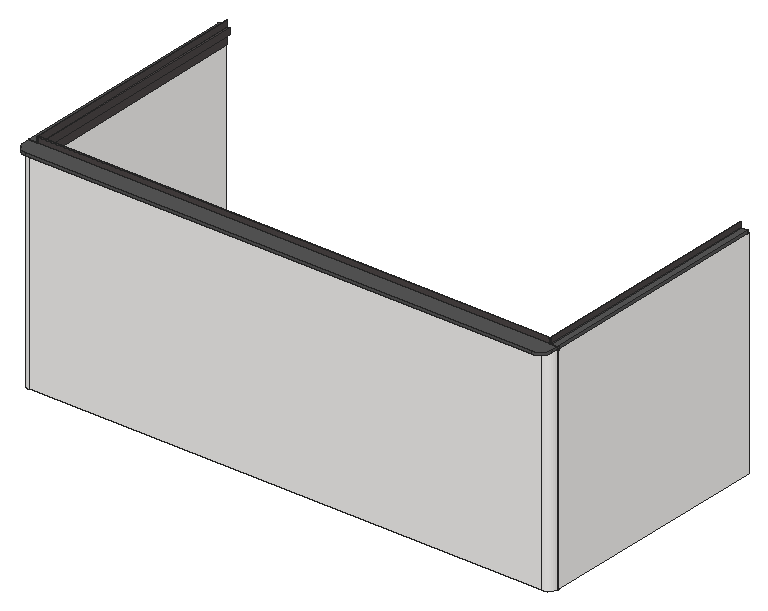
Revit family "vanity unit with 1 drawers for consoles with countertop basin ground", category Furniture, Revit 2019 (continued)
  Vanity unit 1180_550 with 1 drawer for consoles with countertop basin ground-54062700-High Gloss White-MATT_WHITE-400 | "34.3" | no | no | no | no | no | no | no | no | no | no | no | no | no | no | no | no | no | no | no | no | no | no | no | no | no | no | no | no | no | no | no | no | no | no | no | no | no | no | no | no | no | no | no | no | no | no | no | no | no | no | no | no | no | no | no | no | no | no | no | no | no | no | no | no | no | no | yes | no | no | no | no | no | "MATT_WHITE" | "" | "Worldwide" | "https://pro.hansgrohe.com/articledetail--54062000" | "54062XXX" | "High Gloss White" | "Vanity unit 1180/550 with 1 drawer for consoles with countertop basin ground-54062700-High Gloss White-MATT_WHITE-400" | "Xelu Q Vanity unit High Gloss White 1180/550 with 1 drawer for consoles with countertop basin ground" | "Vanity unit 1180/550 with 1 drawer for consoles with countertop basin ground-54062700-High Gloss White-MATT_WHITE-400" | "{$CADENAS_DATA/23d-libs/hansgrohe/xelu_furniture/vanity_unit_with_1_drawer_for_consoles_countertop/vanityunit_1_drawers_for_consoles_countertop.prj},445 {VTYP=3D},{NB=Vanity unit 1180/550 with 1 drawer for consoles with countertop basin ground-54062700-High Gloss White-MATT_WHITE-400},{LINA=Vanity unit 1180/550 with 1 drawer for consoles with countertop basin ground-54062700-High Gloss White-MATT_WHITE-400},{NN=Vanity Unit with 1 Drawers for consoles with countertop basin ground},{DATE=13.03.2023 03:04:52},{GEOMDATE=08.03.2023 14:00:04},{VERSION=},{LINEID=270},{WBVAR=LODLEVEL},{WBNUMERIC=}  {NB=Vanity unit 1180/550 with 1 drawer for consoles with countertop basin ground-54062700-High Gloss White-MATT_WHITE-400},{LINA=Vanity unit 1180/550 with 1 drawer for consoles with countertop basin ground-54062700-High Gloss White-MATT_WHITE-400},{KT=DUMMY},{IDNR=27},{ARTNR=54062700},{BASENUMBER=Vanity unit 1180/550 with 1 drawer for consoles with countertop basin ground},{MODEL=54062XXX},{OBERFLAECHE=High Gloss White},{SURFACE=MATT_WHITE},{L=1180},{LODLEVEL=400},{LODLEVELX='400','400','200','200'},{NAME=Xelu Q Vanity unit High Gloss White 1180/550 with 1 drawer for consoles with countertop basin ground},{PERMALINK=54062XXX},{OBJECTTYPE=Object (single object)},{BIMOBJECT=Sanitary: Compound units},{PRODUCTFAMILY=Xelu Q},{PRODUCTGROUP=vanity unit},{WEIGHT=34.3},{DESCRIPTION=Xelu Q Vanity unit High Gloss White 1180/550 with 1 drawer for consoles with countertop basin ground},{SPECIFICATION=},{PRODUCTURL=https://pro.hansgrohe.com/articledetail--54062000},{GTINCODE=4059625456095},{TENDERURL=},{IFC=Furnishing element},{ETIM=EC011381 | Bathroom furniture set},{UNICLASS2015=Pr_40_30_78_05 | Bathroom furniture},{OMNICLASS=23-21 19 15 33 13 | Residential Bathroom Specialty Casework},{MASTERFORMAT=12 35 30.23 | Bathroom Casework},{UNSPSC=56 | Furniture and Furnishings},{UNIFORMATII=E2010 | Fixed Furnishings},{REGIONSET=Worldwide},{DESIGN=Germany},{MANUFACTURER=Germany}" | "400" | "Vanity unit 1180/550 with 1 drawer for consoles with countertop basin ground-54062700-High Gloss White-MATT_WHITE-400" | 1180 | "4059625456095" | "Vanity unit 1180/550 with 1 drawer for consoles with countertop basin ground" | "54062700"
  Vanity unit 1180_550 with 1 drawer for consoles with countertop basin ground-54063000-Diamond Matt Grey-CHROME-200 | "34.3" | no | no | no | no | no | no | no | no | no | no | no | no | no | no | no | no | no | no | no | no | no | no | no | no | no | no | no | no | no | no | no | no | no | no | no | no | no | no | no | no | no | no | no | no | no | no | no | no | no | no | no | no | no | no | no | no | no | no | no | no | no | no | no | no | no | yes | no | no | no | no | no | no | "CHROME" | "" | "Worldwide" | "https://pro.hansgrohe.com/articledetail--54063000" | "54063XXX" | "Diamond Matt Grey" | "Vanity unit 1180/550 with 1 drawer for consoles with countertop basin ground-54063000-Diamond Matt Grey-CHROME-200" | "Xelu Q Vanity unit Diamond Matt Grey 1180/550 with 1 drawer for consoles with countertop basin ground" | "Vanity unit 1180/550 with 1 drawer for consoles with countertop basin ground-54063000-Diamond Matt Grey-CHROME-200" | "{$CADENAS_DATA/23d-libs/hansgrohe/xelu_furniture/vanity_unit_with_1_drawer_for_consoles_countertop/vanityunit_1_drawers_for_consoles_countertop.prj},439 {VTYP=3D},{NB=Vanity unit 1180/550 with 1 drawer for consoles with countertop basin ground-54063000-Diamond Matt Grey-CHROME-200},{LINA=Vanity unit 1180/550 with 1 drawer for consoles with countertop basin ground-54063000-Diamond Matt Grey-CHROME-200},{NN=Vanity Unit with 1 Drawers for consoles with countertop basin ground},{DATE=13.03.2023 03:04:52},{GEOMDATE=08.03.2023 14:00:04},{VERSION=},{LINEID=300},{WBVAR=LODLEVEL},{WBNUMERIC=}  {NB=Vanity unit 1180/550 with 1 drawer for consoles with countertop basin ground-54063000-Diamond Matt Grey-CHROME-200},{LINA=Vanity unit 1180/550 with 1 drawer for consoles with countertop basin ground-54063000-Diamond Matt Grey-CHROME-200},{KT=DUMMY},{IDNR=30},{ARTNR=54063000},{BASENUMBER=Vanity unit 1180/550 with 1 drawer for consoles with countertop basin ground},{MODEL=54063XXX},{OBERFLAECHE=Diamond Matt Grey},{SURFACE=CHROME},{L=1180},{LODLEVEL=200},{LODLEVELX='400','400','200','200'},{NAME=Xelu Q Vanity unit Diamond Matt Grey 1180/550 with 1 drawer for consoles with countertop basin ground},{PERMALINK=54063XXX},{OBJECTTYPE=Object (single object)},{BIMOBJECT=Sanitary: Compound units},{PRODUCTFAMILY=Xelu Q},{PRODUCTGROUP=vanity unit},{WEIGHT=34.3},{DESCRIPTION=Xelu Q Vanity unit Diamond Matt Grey 1180/550 with 1 drawer for consoles with countertop basin ground},{SPECIFICATION=},{PRODUCTURL=https://pro.hansgrohe.com/articledetail--54063000},{GTINCODE=4059625456064},{TENDERURL=},{IFC=Furnishing element},{ETIM=EC011381 | Bathroom furniture set},{UNICLASS2015=Pr_40_30_78_05 | Bathroom furniture},{OMNICLASS=23-21 19 15 33 13 | Residential Bathroom Specialty Casework},{MASTERFORMAT=12 35 30.23 | Bathroom Casework},{UNSPSC=56 | Furniture and Furnishings},{UNIFORMATII=E2010 | Fixed Furnishings},{REGIONSET=Worldwide},{DESIGN=Germany},{MANUFACTURER=Germany}" | "200" | "Vanity unit 1180/550 with 1 drawer for consoles with countertop basin ground-54063000-Diamond Matt Grey-CHROME-200" | 1180 | "4059625456064" | "Vanity unit 1180/550 with 1 drawer for consoles with countertop basin ground" | "54063000"
  Vanity unit 1180_550 with 1 drawer for consoles with countertop basin ground-54063000-Diamond Matt Grey-CHROME-400 | "34.3" | no | no | no | no | no | no | no | no | no | no | no | no | no | no | no | no | no | no | no | no | no | no | no | no | no | no | no | no | no | no | no | no | no | no | no | no | no | no | no | no | no | no | no | no | no | no | no | no | no | no | no | no | no | no | no | no | no | no | no | no | no | no | no | no | yes | no | no | no | no | no | no | no | "CHROME" | "" | "Worldwide" | "https://pro.hansgrohe.com/articledetail--54063000" | "54063XXX" | "Diamond Matt Grey" | "Vanity unit 1180/550 with 1 drawer for consoles with countertop basin ground-54063000-Diamond Matt Grey-CHROME-400" | "Xelu Q Vanity unit Diamond Matt Grey 1180/550 with 1 drawer for consoles with countertop basin ground" | "Vanity unit 1180/550 with 1 drawer for consoles with countertop basin ground-54063000-Diamond Matt Grey-CHROME-400" | "{$CADENAS_DATA/23d-libs/hansgrohe/xelu_furniture/vanity_unit_with_1_drawer_for_consoles_countertop/vanityunit_1_drawers_for_consoles_countertop.prj},439 {VTYP=3D},{NB=Vanity unit 1180/550 with 1 drawer for consoles with countertop basin ground-54063000-Diamond Matt Grey-CHROME-400},{LINA=Vanity unit 1180/550 with 1 drawer for consoles with countertop basin ground-54063000-Diamond Matt Grey-CHROME-400},{NN=Vanity Unit with 1 Drawers for consoles with countertop basin ground},{DATE=13.03.2023 03:04:52},{GEOMDATE=08.03.2023 14:00:04},{VERSION=},{LINEID=300},{WBVAR=LODLEVEL},{WBNUMERIC=}  {NB=Vanity unit 1180/550 with 1 drawer for consoles with countertop basin ground-54063000-Diamond Matt Grey-CHROME-400},{LINA=Vanity unit 1180/550 with 1 drawer for consoles with countertop basin ground-54063000-Diamond Matt Grey-CHROME-400},{KT=DUMMY},{IDNR=30},{ARTNR=54063000},{BASENUMBER=Vanity unit 1180/550 with 1 drawer for consoles with countertop basin ground},{MODEL=54063XXX},{OBERFLAECHE=Diamond Matt Grey},{SURFACE=CHROME},{L=1180},{LODLEVEL=400},{LODLEVELX='400','400','200','200'},{NAME=Xelu Q Vanity unit Diamond Matt Grey 1180/550 with 1 drawer for consoles with countertop basin ground},{PERMALINK=54063XXX},{OBJECTTYPE=Object (single object)},{BIMOBJECT=Sanitary: Compound units},{PRODUCTFAMILY=Xelu Q},{PRODUCTGROUP=vanity unit},{WEIGHT=34.3},{DESCRIPTION=Xelu Q Vanity unit Diamond Matt Grey 1180/550 with 1 drawer for consoles with countertop basin ground},{SPECIFICATION=},{PRODUCTURL=https://pro.hansgrohe.com/articledetail--54063000},{GTINCODE=4059625456064},{TENDERURL=},{IFC=Furnishing element},{ETIM=EC011381 | Bathroom furniture set},{UNICLASS2015=Pr_40_30_78_05 | Bathroom furniture},{OMNICLASS=23-21 19 15 33 13 | Residential Bathroom Specialty Casework},{MASTERFORMAT=12 35 30.23 | Bathroom Casework},{UNSPSC=56 | Furniture and Furnishings},{UNIFORMATII=E2010 | Fixed Furnishings},{REGIONSET=Worldwide},{DESIGN=Germany},{MANUFACTURER=Germany}" | "400" | "Vanity unit 1180/550 with 1 drawer for consoles with countertop basin ground-54063000-Diamond Matt Grey-CHROME-400" | 1180 | "4059625456064" | "Vanity unit 1180/550 with 1 drawer for consoles with countertop basin ground" | "54063000"
  Vanity unit 1180_550 with 1 drawer for consoles with countertop basin ground-54063670-Diamond Matt Grey-MATT_BLACK-200 | "34.3" | no | no | no | no | no | no | no | no | no | no | no | no | no | no | no | no | no | no | no | no | no | no | no | no | no | no | no | no | no | no | no | no | no | no | no | no | no | no | no | no | no | no | no | no | no | no | no | no | no | no | no | no | no | no | no | no | no | no | no | no | no | no | no | yes | no | no | no | no | no | no | no | no | "MATT_BLACK" | "" | "Worldwide" | "https://pro.hansgrohe.com/articledetail--54063000" | "54063XXX" | "Diamond Matt Grey" | "Vanity unit 1180/550 with 1 drawer for consoles with countertop basin ground-54063670-Diamond Matt Grey-MATT_BLACK-200" | "Xelu Q Vanity unit Diamond Matt Grey 1180/550 with 1 drawer for consoles with countertop basin ground" | "Vanity unit 1180/550 with 1 drawer for consoles with countertop basin ground-54063670-Diamond Matt Grey-MATT_BLACK-200" | "{$CADENAS_DATA/23d-libs/hansgrohe/xelu_furniture/vanity_unit_with_1_drawer_for_consoles_countertop/vanityunit_1_drawers_for_consoles_countertop.prj},447 {VTYP=3D},{NB=Vanity unit 1180/550 with 1 drawer for consoles with countertop basin ground-54063670-Diamond Matt Grey-MATT_BLACK-200},{LINA=Vanity unit 1180/550 with 1 drawer for consoles with countertop basin ground-54063670-Diamond Matt Grey-MATT_BLACK-200},{NN=Vanity Unit with 1 Drawers for consoles with countertop basin ground},{DATE=13.03.2023 03:04:52},{GEOMDATE=08.03.2023 14:00:04},{VERSION=},{LINEID=290},{WBVAR=LODLEVEL},{WBNUMERIC=}  {NB=Vanity unit 1180/550 with 1 drawer for consoles with countertop basin ground-54063670-Diamond Matt Grey-MATT_BLACK-200},{LINA=Vanity unit 1180/550 with 1 drawer for consoles with countertop basin ground-54063670-Diamond Matt Grey-MATT_BLACK-200},{KT=DUMMY},{IDNR=29},{ARTNR=54063670},{BASENUMBER=Vanity unit 1180/550 with 1 drawer for consoles with countertop basin ground},{MODEL=54063XXX},{OBERFLAECHE=Diamond Matt Grey},{SURFACE=MATT_BLACK},{L=1180},{LODLEVEL=200},{LODLEVELX='400','400','200','200'},{NAME=Xelu Q Vanity unit Diamond Matt Grey 1180/550 with 1 drawer for consoles with countertop basin ground},{PERMALINK=54063XXX},{OBJECTTYPE=Object (single object)},{BIMOBJECT=Sanitary: Compound units},{PRODUCTFAMILY=Xelu Q},{PRODUCTGROUP=vanity unit},{WEIGHT=34.3},{DESCRIPTION=Xelu Q Vanity unit Diamond Matt Grey 1180/550 with 1 drawer for consoles with countertop basin ground},{SPECIFICATION=},{PRODUCTURL=https://pro.hansgrohe.com/articledetail--54063000},{GTINCODE=4059625456064},{TENDERURL=},{IFC=Furnishing element},{ETIM=EC011381 | Bathroom furniture set},{UNICLASS2015=Pr_40_30_78_05 | Bathroom furniture},{OMNICLASS=23-21 19 15 33 13 | Residential Bathroom Specialty Casework},{MASTERFORMAT=12 35 30.23 | Bathroom Casework},{UNSPSC=56 | Furniture and Furnishings},{UNIFORMATII=E2010 | Fixed Furnishings},{REGIONSET=Worldwide},{DESIGN=Germany},{MANUFACTURER=Germany}" | "200" | "Vanity unit 1180/550 with 1 drawer for consoles with countertop basin ground-54063670-Diamond Matt Grey-MATT_BLACK-200" | 1180 | "4059625456064" | "Vanity unit 1180/550 with 1 drawer for consoles with countertop basin ground" | "54063670"
  Vanity unit 1180_550 with 1 drawer for consoles with countertop basin ground-54063670-Diamond Matt Grey-MATT_BLACK-400 | "34.3" | no | no | no | no | no | no | no | no | no | no | no | no | no | no | no | no | no | no | no | no | no | no | no | no | no | no | no | no | no | no | no | no | no | no | no | no | no | no | no | no | no | no | no | no | no | no | no | no | no | no | no | no | no | no | no | no | no | no | no | no | no | no | yes | no | no | no | no | no | no | no | no | no | "MATT_BLACK" | "" | "Worldwide" | "https://pro.hansgrohe.com/articledetail--54063000" | "54063XXX" | "Diamond Matt Grey" | "Vanity unit 1180/550 with 1 drawer for consoles with countertop basin ground-54063670-Diamond Matt Grey-MATT_BLACK-400" | "Xelu Q Vanity unit Diamond Matt Grey 1180/550 with 1 drawer for consoles with countertop basin ground" | "Vanity unit 1180/550 with 1 drawer for consoles with countertop basin ground-54063670-Diamond Matt Grey-MATT_BLACK-400" | "{$CADENAS_DATA/23d-libs/hansgrohe/xelu_furniture/vanity_unit_with_1_drawer_for_consoles_countertop/vanityunit_1_drawers_for_consoles_countertop.prj},447 {VTYP=3D},{NB=Vanity unit 1180/550 with 1 drawer for consoles with countertop basin ground-54063670-Diamond Matt Grey-MATT_BLACK-400},{LINA=Vanity unit 1180/550 with 1 drawer for consoles with countertop basin ground-54063670-Diamond Matt Grey-MATT_BLACK-400},{NN=Vanity Unit with 1 Drawers for consoles with countertop basin ground},{DATE=13.03.2023 03:04:52},{GEOMDATE=08.03.2023 14:00:04},{VERSION=},{LINEID=290},{WBVAR=LODLEVEL},{WBNUMERIC=}  {NB=Vanity unit 1180/550 with 1 drawer for consoles with countertop basin ground-54063670-Diamond Matt Grey-MATT_BLACK-400},{LINA=Vanity unit 1180/550 with 1 drawer for consoles with countertop basin ground-54063670-Diamond Matt Grey-MATT_BLACK-400},{KT=DUMMY},{IDNR=29},{ARTNR=54063670},{BASENUMBER=Vanity unit 1180/550 with 1 drawer for consoles with countertop basin ground},{MODEL=54063XXX},{OBERFLAECHE=Diamond Matt Grey},{SURFACE=MATT_BLACK},{L=1180},{LODLEVEL=400},{LODLEVELX='400','400','200','200'},{NAME=Xelu Q Vanity unit Diamond Matt Grey 1180/550 with 1 drawer for consoles with countertop basin ground},{PERMALINK=54063XXX},{OBJECTTYPE=Object (single object)},{BIMOBJECT=Sanitary: Compound units},{PRODUCTFAMILY=Xelu Q},{PRODUCTGROUP=vanity unit},{WEIGHT=34.3},{DESCRIPTION=Xelu Q Vanity unit Diamond Matt Grey 1180/550 with 1 drawer for consoles with countertop basin ground},{SPECIFICATION=},{PRODUCTURL=https://pro.hansgrohe.com/articledetail--54063000},{GTINCODE=4059625456064},{TENDERURL=},{IFC=Furnishing element},{ETIM=EC011381 | Bathroom furniture set},{UNICLASS2015=Pr_40_30_78_05 | Bathroom furniture},{OMNICLASS=23-21 19 15 33 13 | Residential Bathroom Specialty Casework},{MASTERFORMAT=12 35 30.23 | Bathroom Casework},{UNSPSC=56 | Furniture and Furnishings},{UNIFORMATII=E2010 | Fixed Furnishings},{REGIONSET=Worldwide},{DESIGN=Germany},{MANUFACTURER=Germany}" | "400" | "Vanity unit 1180/550 with 1 drawer for consoles with countertop basin ground-54063670-Diamond Matt Grey-MATT_BLACK-400" | 1180 | "4059625456064" | "Vanity unit 1180/550 with 1 drawer for consoles with countertop basin ground" | "54063670"
  Vanity unit 1180_550 with 1 drawer for consoles with countertop basin ground-54063700-Diamond Matt Grey-MATT_WHITE-200 | "34.3" | no | no | no | no | no | no | no | no | no | no | no | no | no | no | no | no | no | no | no | no | no | no | no | no | no | no | no | no | no | no | no | no | no | no | no | no | no | no | no | no | no | no | no | no | no | no | no | no | no | no | no | no | no | no | no | no | no | no | no | no | no | yes | no | no | no | no | no | no | no | no | no | no | "MATT_WHITE" | "" | "Worldwide" | "https://pro.hansgrohe.com/articledetail--54063000" | "54063XXX" | "Diamond Matt Grey" | "Vanity unit 1180/550 with 1 drawer for consoles with countertop basin ground-54063700-Diamond Matt Grey-MATT_WHITE-200" | "Xelu Q Vanity unit Diamond Matt Grey 1180/550 with 1 drawer for consoles with countertop basin ground" | "Vanity unit 1180/550 with 1 drawer for consoles with countertop basin ground-54063700-Diamond Matt Grey-MATT_WHITE-200" | "{$CADENAS_DATA/23d-libs/hansgrohe/xelu_furniture/vanity_unit_with_1_drawer_for_consoles_countertop/vanityunit_1_drawers_for_consoles_countertop.prj},447 {VTYP=3D},{NB=Vanity unit 1180/550 with 1 drawer for consoles with countertop basin ground-54063700-Diamond Matt Grey-MATT_WHITE-200},{LINA=Vanity unit 1180/550 with 1 drawer for consoles with countertop basin ground-54063700-Diamond Matt Grey-MATT_WHITE-200},{NN=Vanity Unit with 1 Drawers for consoles with countertop basin ground},{DATE=13.03.2023 03:04:52},{GEOMDATE=08.03.2023 14:00:04},{VERSION=},{LINEID=280},{WBVAR=LODLEVEL},{WBNUMERIC=}  {NB=Vanity unit 1180/550 with 1 drawer for consoles with countertop basin ground-54063700-Diamond Matt Grey-MATT_WHITE-200},{LINA=Vanity unit 1180/550 with 1 drawer for consoles with countertop basin ground-54063700-Diamond Matt Grey-MATT_WHITE-200},{KT=DUMMY},{IDNR=28},{ARTNR=54063700},{BASENUMBER=Vanity unit 1180/550 with 1 drawer for consoles with countertop basin ground},{MODEL=54063XXX},{OBERFLAECHE=Diamond Matt Grey},{SURFACE=MATT_WHITE},{L=1180},{LODLEVEL=200},{LODLEVELX='400','400','200','200'},{NAME=Xelu Q Vanity unit Diamond Matt Grey 1180/550 with 1 drawer for consoles with countertop basin ground},{PERMALINK=54063XXX},{OBJECTTYPE=Object (single object)},{BIMOBJECT=Sanitary: Compound units},{PRODUCTFAMILY=Xelu Q},{PRODUCTGROUP=vanity unit},{WEIGHT=34.3},{DESCRIPTION=Xelu Q Vanity unit Diamond Matt Grey 1180/550 with 1 drawer for consoles with countertop basin ground},{SPECIFICATION=},{PRODUCTURL=https://pro.hansgrohe.com/articledetail--54063000},{GTINCODE=4059625456064},{TENDERURL=},{IFC=Furnishing element},{ETIM=EC011381 | Bathroom furniture set},{UNICLASS2015=Pr_40_30_78_05 | Bathroom furniture},{OMNICLASS=23-21 19 15 33 13 | Residential Bathroom Specialty Casework},{MASTERFORMAT=12 35 30.23 | Bathroom Casework},{UNSPSC=56 | Furniture and Furnishings},{UNIFORMATII=E2010 | Fixed Furnishings},{REGIONSET=Worldwide},{DESIGN=Germany},{MANUFACTURER=Germany}" | "200" | "Vanity unit 1180/550 with 1 drawer for consoles with countertop basin ground-54063700-Diamond Matt Grey-MATT_WHITE-200" | 1180 | "4059625456064" | "Vanity unit 1180/550 with 1 drawer for consoles with countertop basin ground" | "54063700"
  Vanity unit 1180_550 with 1 drawer for consoles with countertop basin ground-54063700-Diamond Matt Grey-MATT_WHITE-400 | "34.3" | no | no | no | no | no | no | no | no | no | no | no | no | no | no | no | no | no | no | no | no | no | no | no | no | no | no | no | no | no | no | no | no | no | no | no | no | no | no | no | no | no | no | no | no | no | no | no | no | no | no | no | no | no | no | no | no | no | no | no | no | yes | no | no | no | no | no | no | no | no | no | no | no | "MATT_WHITE" | "" | "Worldwide" | "https://pro.hansgrohe.com/articledetail--54063000" | "54063XXX" | "Diamond Matt Grey" | "Vanity unit 1180/550 with 1 drawer for consoles with countertop basin ground-54063700-Diamond Matt Grey-MATT_WHITE-400" | "Xelu Q Vanity unit Diamond Matt Grey 1180/550 with 1 drawer for consoles with countertop basin ground" | "Vanity unit 1180/550 with 1 drawer for consoles with countertop basin ground-54063700-Diamond Matt Grey-MATT_WHITE-400" | "{$CADENAS_DATA/23d-libs/hansgrohe/xelu_furniture/vanity_unit_with_1_drawer_for_consoles_countertop/vanityunit_1_drawers_for_consoles_countertop.prj},447 {VTYP=3D},{NB=Vanity unit 1180/550 with 1 drawer for consoles with countertop basin ground-54063700-Diamond Matt Grey-MATT_WHITE-400},{LINA=Vanity unit 1180/550 with 1 drawer for consoles with countertop basin ground-54063700-Diamond Matt Grey-MATT_WHITE-400},{NN=Vanity Unit with 1 Drawers for consoles with countertop basin ground},{DATE=13.03.2023 03:04:52},{GEOMDATE=08.03.2023 14:00:04},{VERSION=},{LINEID=280},{WBVAR=LODLEVEL},{WBNUMERIC=}  {NB=Vanity unit 1180/550 with 1 drawer for consoles with countertop basin ground-54063700-Diamond Matt Grey-MATT_WHITE-400},{LINA=Vanity unit 1180/550 with 1 drawer for consoles with countertop basin ground-54063700-Diamond Matt Grey-MATT_WHITE-400},{KT=DUMMY},{IDNR=28},{ARTNR=54063700},{BASENUMBER=Vanity unit 1180/550 with 1 drawer for consoles with countertop basin ground},{MODEL=54063XXX},{OBERFLAECHE=Diamond Matt Grey},{SURFACE=MATT_WHITE},{L=1180},{LODLEVEL=400},{LODLEVELX='400','400','200','200'},{NAME=Xelu Q Vanity unit Diamond Matt Grey 1180/550 with 1 drawer for consoles with countertop basin ground},{PERMALINK=54063XXX},{OBJECTTYPE=Object (single object)},{BIMOBJECT=Sanitary: Compound units},{PRODUCTFAMILY=Xelu Q},{PRODUCTGROUP=vanity unit},{WEIGHT=34.3},{DESCRIPTION=Xelu Q Vanity unit Diamond Matt Grey 1180/550 with 1 drawer for consoles with countertop basin ground},{SPECIFICATION=},{PRODUCTURL=https://pro.hansgrohe.com/articledetail--54063000},{GTINCODE=4059625456064},{TENDERURL=},{IFC=Furnishing element},{ETIM=EC011381 | Bathroom furniture set},{UNICLASS2015=Pr_40_30_78_05 | Bathroom furniture},{OMNICLASS=23-21 19 15 33 13 | Residential Bathroom Specialty Casework},{MASTERFORMAT=12 35 30.23 | Bathroom Casework},{UNSPSC=56 | Furniture and Furnishings},{UNIFORMATII=E2010 | Fixed Furnishings},{REGIONSET=Worldwide},{DESIGN=Germany},{MANUFACTURER=Germany}" | "400" | "Vanity unit 1180/550 with 1 drawer for consoles with countertop basin ground-54063700-Diamond Matt Grey-MATT_WHITE-400" | 1180 | "4059625456064" | "Vanity unit 1180/550 with 1 drawer for consoles with countertop basin ground" | "54063700"
  Vanity unit 1180_550 with 1 drawer for consoles with countertop basin ground-54064000-Natural Oak-CHROME-200 | "34.3" | no | no | no | no | no | no | no | no | no | no | no | no | no | no | no | no | no | no | no | no | no | no | no | no | no | no | no | no | no | no | no | no | no | no | no | no | no | no | no | no | no | no | no | no | no | no | no | no | no | no | no | no | no | no | no | no | no | no | no | yes | no | no | no | no | no | no | no | no | no | no | no | no | "CHROME" | "" | "Worldwide" | "https://pro.hansgrohe.com/articledetail--54064000" | "54064XXX" | "Natural Oak" | "Vanity unit 1180/550 with 1 drawer for consoles with countertop basin ground-54064000-Natural Oak-CHROME-200" | "Xelu Q Vanity unit Natural Oak 1180/550 with 1 drawer for consoles with countertop basin ground" | "Vanity unit 1180/550 with 1 drawer for consoles with countertop basin ground-54064000-Natural Oak-CHROME-200" | "{$CADENAS_DATA/23d-libs/hansgrohe/xelu_furniture/vanity_unit_with_1_drawer_for_consoles_countertop/vanityunit_1_drawers_for_consoles_countertop.prj},427 {VTYP=3D},{NB=Vanity unit 1180/550 with 1 drawer for consoles with countertop basin ground-54064000-Natural Oak-CHROME-200},{LINA=Vanity unit 1180/550 with 1 drawer for consoles with countertop basin ground-54064000-Natural Oak-CHROME-200},{NN=Vanity Unit with 1 Drawers for consoles with countertop basin ground},{DATE=13.03.2023 03:04:52},{GEOMDATE=08.03.2023 14:00:04},{VERSION=},{LINEID=320},{WBVAR=LODLEVEL},{WBNUMERIC=}  {NB=Vanity unit 1180/550 with 1 drawer for consoles with countertop basin ground-54064000-Natural Oak-CHROME-200},{LINA=Vanity unit 1180/550 with 1 drawer for consoles with countertop basin ground-54064000-Natural Oak-CHROME-200},{KT=DUMMY},{IDNR=32},{ARTNR=54064000},{BASENUMBER=Vanity unit 1180/550 with 1 drawer for consoles with countertop basin ground},{MODEL=54064XXX},{OBERFLAECHE=Natural Oak},{SURFACE=CHROME},{L=1180},{LODLEVEL=200},{LODLEVELX='400','400','200','200'},{NAME=Xelu Q Vanity unit Natural Oak 1180/550 with 1 drawer for consoles with countertop basin ground},{PERMALINK=54064XXX},{OBJECTTYPE=Object (single object)},{BIMOBJECT=Sanitary: Compound units},{PRODUCTFAMILY=Xelu Q},{PRODUCTGROUP=vanity unit},{WEIGHT=34.3},{DESCRIPTION=Xelu Q Vanity unit Natural Oak 1180/550 with 1 drawer for consoles with countertop basin ground},{SPECIFICATION=},{PRODUCTURL=https://pro.hansgrohe.com/articledetail--54064000},{GTINCODE=4059625456439},{TENDERURL=},{IFC=Furnishing element},{ETIM=EC011381 | Bathroom furniture set},{UNICLASS2015=Pr_40_30_78_05 | Bathroom furniture},{OMNICLASS=23-21 19 15 33 13 | Residential Bathroom Specialty Casework},{MASTERFORMAT=12 35 30.23 | Bathroom Casework},{UNSPSC=56 | Furniture and Furnishings},{UNIFORMATII=E2010 | Fixed Furnishings},{REGIONSET=Worldwide},{DESIGN=Germany},{MANUFACTURER=Germany}" | "200" | "Vanity unit 1180/550 with 1 drawer for consoles with countertop basin ground-54064000-Natural Oak-CHROME-200" | 1180 | "4059625456439" | "Vanity unit 1180/550 with 1 drawer for consoles with countertop basin ground" | "54064000"
  Vanity unit 1180_550 with 1 drawer for consoles with countertop basin ground-54064000-Natural Oak-CHROME-400 | "34.3" | no | no | no | no | no | no | no | no | no | no | no | no | no | no | no | no | no | no | no | no | no | no | no | no | no | no | no | no | no | no | no | no | no | no | no | no | no | no | no | no | no | no | no | no | no | no | no | no | no | no | no | no | no | no | no | no | no | no | yes | no | no | no | no | no | no | no | no | no | no | no | no | no | "CHROME" | "" | "Worldwide" | "https://pro.hansgrohe.com/articledetail--54064000" | "54064XXX" | "Natural Oak" | "Vanity unit 1180/550 with 1 drawer for consoles with countertop basin ground-54064000-Natural Oak-CHROME-400" | "Xelu Q Vanity unit Natural Oak 1180/550 with 1 drawer for consoles with countertop basin ground" | "Vanity unit 1180/550 with 1 drawer for consoles with countertop basin ground-54064000-Natural Oak-CHROME-400" | "{$CADENAS_DATA/23d-libs/hansgrohe/xelu_furniture/vanity_unit_with_1_drawer_for_consoles_countertop/vanityunit_1_drawers_for_consoles_countertop.prj},427 {VTYP=3D},{NB=Vanity unit 1180/550 with 1 drawer for consoles with countertop basin ground-54064000-Natural Oak-CHROME-400},{LINA=Vanity unit 1180/550 with 1 drawer for consoles with countertop basin ground-54064000-Natural Oak-CHROME-400},{NN=Vanity Unit with 1 Drawers for consoles with countertop basin ground},{DATE=13.03.2023 03:04:52},{GEOMDATE=08.03.2023 14:00:04},{VERSION=},{LINEID=320},{WBVAR=LODLEVEL},{WBNUMERIC=}  {NB=Vanity unit 1180/550 with 1 drawer for consoles with countertop basin ground-54064000-Natural Oak-CHROME-400},{LINA=Vanity unit 1180/550 with 1 drawer for consoles with countertop basin ground-54064000-Natural Oak-CHROME-400},{KT=DUMMY},{IDNR=32},{ARTNR=54064000},{BASENUMBER=Vanity unit 1180/550 with 1 drawer for consoles with countertop basin ground},{MODEL=54064XXX},{OBERFLAECHE=Natural Oak},{SURFACE=CHROME},{L=1180},{LODLEVEL=400},{LODLEVELX='400','400','200','200'},{NAME=Xelu Q Vanity unit Natural Oak 1180/550 with 1 drawer for consoles with countertop basin ground},{PERMALINK=54064XXX},{OBJECTTYPE=Object (single object)},{BIMOBJECT=Sanitary: Compound units},{PRODUCTFAMILY=Xelu Q},{PRODUCTGROUP=vanity unit},{WEIGHT=34.3},{DESCRIPTION=Xelu Q Vanity unit Natural Oak 1180/550 with 1 drawer for consoles with countertop basin ground},{SPECIFICATION=},{PRODUCTURL=https://pro.hansgrohe.com/articledetail--54064000},{GTINCODE=4059625456439},{TENDERURL=},{IFC=Furnishing element},{ETIM=EC011381 | Bathroom furniture set},{UNICLASS2015=Pr_40_30_78_05 | Bathroom furniture},{OMNICLASS=23-21 19 15 33 13 | Residential Bathroom Specialty Casework},{MASTERFORMAT=12 35 30.23 | Bathroom Casework},{UNSPSC=56 | Furniture and Furnishings},{UNIFORMATII=E2010 | Fixed Furnishings},{REGIONSET=Worldwide},{DESIGN=Germany},{MANUFACTURER=Germany}" | "400" | "Vanity unit 1180/550 with 1 drawer for consoles with countertop basin ground-54064000-Natural Oak-CHROME-400" | 1180 | "4059625456439" | "Vanity unit 1180/550 with 1 drawer for consoles with countertop basin ground" | "54064000"
  Vanity unit 1180_550 with 1 drawer for consoles with countertop basin ground-54064670-Natural Oak-MATT_BLACK-200 | "34.3" | no | no | no | no | no | no | no | no | no | no | no | no | no | no | no | no | no | no | no | no | no | no | no | no | no | no | no | no | no | no | no | no | no | no | no | no | no | no | no | no | no | no | no | no | no | no | no | no | no | no | no | no | no | no | no | no | no | yes | no | no | no | no | no | no | no | no | no | no | no | no | no | no | "MATT_BLACK" | "" | "Worldwide" | "https://pro.hansgrohe.com/articledetail--54064000" | "54064XXX" | "Natural Oak" | "Vanity unit 1180/550 with 1 drawer for consoles with countertop basin ground-54064670-Natural Oak-MATT_BLACK-200" | "Xelu Q Vanity unit Natural Oak 1180/550 with 1 drawer for consoles with countertop basin ground" | "Vanity unit 1180/550 with 1 drawer for consoles with countertop basin ground-54064670-Natural Oak-MATT_BLACK-200" | "{$CADENAS_DATA/23d-libs/hansgrohe/xelu_furniture/vanity_unit_with_1_drawer_for_consoles_countertop/vanityunit_1_drawers_for_consoles_countertop.prj},435 {VTYP=3D},{NB=Vanity unit 1180/550 with 1 drawer for consoles with countertop basin ground-54064670-Natural Oak-MATT_BLACK-200},{LINA=Vanity unit 1180/550 with 1 drawer for consoles with countertop basin ground-54064670-Natural Oak-MATT_BLACK-200},{NN=Vanity Unit with 1 Drawers for consoles with countertop basin ground},{DATE=13.03.2023 03:04:52},{GEOMDATE=08.03.2023 14:00:04},{VERSION=},{LINEID=330},{WBVAR=LODLEVEL},{WBNUMERIC=}  {NB=Vanity unit 1180/550 with 1 drawer for consoles with countertop basin ground-54064670-Natural Oak-MATT_BLACK-200},{LINA=Vanity unit 1180/550 with 1 drawer for consoles with countertop basin ground-54064670-Natural Oak-MATT_BLACK-200},{KT=DUMMY},{IDNR=33},{ARTNR=54064670},{BASENUMBER=Vanity unit 1180/550 with 1 drawer for consoles with countertop basin ground},{MODEL=54064XXX},{OBERFLAECHE=Natural Oak},{SURFACE=MATT_BLACK},{L=1180},{LODLEVEL=200},{LODLEVELX='400','400','200','200'},{NAME=Xelu Q Vanity unit Natural Oak 1180/550 with 1 drawer for consoles with countertop basin ground},{PERMALINK=54064XXX},{OBJECTTYPE=Object (single object)},{BIMOBJECT=Sanitary: Compound units},{PRODUCTFAMILY=Xelu Q},{PRODUCTGROUP=vanity unit},{WEIGHT=34.3},{DESCRIPTION=Xelu Q Vanity unit Natural Oak 1180/550 with 1 drawer for consoles with countertop basin ground},{SPECIFICATION=},{PRODUCTURL=https://pro.hansgrohe.com/articledetail--54064000},{GTINCODE=4059625456439},{TENDERURL=},{IFC=Furnishing element},{ETIM=EC011381 | Bathroom furniture set},{UNICLASS2015=Pr_40_30_78_05 | Bathroom furniture},{OMNICLASS=23-21 19 15 33 13 | Residential Bathroom Specialty Casework},{MASTERFORMAT=12 35 30.23 | Bathroom Casework},{UNSPSC=56 | Furniture and Furnishings},{UNIFORMATII=E2010 | Fixed Furnishings},{REGIONSET=Worldwide},{DESIGN=Germany},{MANUFACTURER=Germany}" | "200" | "Vanity unit 1180/550 with 1 drawer for consoles with countertop basin ground-54064670-Natural Oak-MATT_BLACK-200" | 1180 | "4059625456439" | "Vanity unit 1180/550 with 1 drawer for consoles with countertop basin ground" | "54064670"
  Vanity unit 1180_550 with 1 drawer for consoles with countertop basin ground-54064670-Natural Oak-MATT_BLACK-400 | "34.3" | no | no | no | no | no | no | no | no | no | no | no | no | no | no | no | no | no | no | no | no | no | no | no | no | no | no | no | no | no | no | no | no | no | no | no | no | no | no | no | no | no | no | no | no | no | no | no | no | no | no | no | no | no | no | no | no | yes | no | no | no | no | no | no | no | no | no | no | no | no | no | no | no | "MATT_BLACK" | "" | "Worldwide" | "https://pro.hansgrohe.com/articledetail--54064000" | "54064XXX" | "Natural Oak" | "Vanity unit 1180/550 with 1 drawer for consoles with countertop basin ground-54064670-Natural Oak-MATT_BLACK-400" | "Xelu Q Vanity unit Natural Oak 1180/550 with 1 drawer for consoles with countertop basin ground" | "Vanity unit 1180/550 with 1 drawer for consoles with countertop basin ground-54064670-Natural Oak-MATT_BLACK-400" | "{$CADENAS_DATA/23d-libs/hansgrohe/xelu_furniture/vanity_unit_with_1_drawer_for_consoles_countertop/vanityunit_1_drawers_for_consoles_countertop.prj},435 {VTYP=3D},{NB=Vanity unit 1180/550 with 1 drawer for consoles with countertop basin ground-54064670-Natural Oak-MATT_BLACK-400},{LINA=Vanity unit 1180/550 with 1 drawer for consoles with countertop basin ground-54064670-Natural Oak-MATT_BLACK-400},{NN=Vanity Unit with 1 Drawers for consoles with countertop basin ground},{DATE=13.03.2023 03:04:52},{GEOMDATE=08.03.2023 14:00:04},{VERSION=},{LINEID=330},{WBVAR=LODLEVEL},{WBNUMERIC=}  {NB=Vanity unit 1180/550 with 1 drawer for consoles with countertop basin ground-54064670-Natural Oak-MATT_BLACK-400},{LINA=Vanity unit 1180/550 with 1 drawer for consoles with countertop basin ground-54064670-Natural Oak-MATT_BLACK-400},{KT=DUMMY},{IDNR=33},{ARTNR=54064670},{BASENUMBER=Vanity unit 1180/550 with 1 drawer for consoles with countertop basin ground},{MODEL=54064XXX},{OBERFLAECHE=Natural Oak},{SURFACE=MATT_BLACK},{L=1180},{LODLEVEL=400},{LODLEVELX='400','400','200','200'},{NAME=Xelu Q Vanity unit Natural Oak 1180/550 with 1 drawer for consoles with countertop basin ground},{PERMALINK=54064XXX},{OBJECTTYPE=Object (single object)},{BIMOBJECT=Sanitary: Compound units},{PRODUCTFAMILY=Xelu Q},{PRODUCTGROUP=vanity unit},{WEIGHT=34.3},{DESCRIPTION=Xelu Q Vanity unit Natural Oak 1180/550 with 1 drawer for consoles with countertop basin ground},{SPECIFICATION=},{PRODUCTURL=https://pro.hansgrohe.com/articledetail--54064000},{GTINCODE=4059625456439},{TENDERURL=},{IFC=Furnishing element},{ETIM=EC011381 | Bathroom furniture set},{UNICLASS2015=Pr_40_30_78_05 | Bathroom furniture},{OMNICLASS=23-21 19 15 33 13 | Residential Bathroom Specialty Casework},{MASTERFORMAT=12 35 30.23 | Bathroom Casework},{UNSPSC=56 | Furniture and Furnishings},{UNIFORMATII=E2010 | Fixed Furnishings},{REGIONSET=Worldwide},{DESIGN=Germany},{MANUFACTURER=Germany}" | "400" | "Vanity unit 1180/550 with 1 drawer for consoles with countertop basin ground-54064670-Natural Oak-MATT_BLACK-400" | 1180 | "4059625456439" | "Vanity unit 1180/550 with 1 drawer for consoles with countertop basin ground" | "54064670"
  Vanity unit 1180_550 with 1 drawer for consoles with countertop basin ground-54064700-Natural Oak-MATT_WHITE-200 | "34.3" | no | no | no | no | no | no | no | no | no | no | no | no | no | no | no | no | no | no | no | no | no | no | no | no | no | no | no | no | no | no | no | no | no | no | no | no | no | no | no | no | no | no | no | no | no | no | no | no | no | no | no | no | no | no | no | yes | no | no | no | no | no | no | no | no | no | no | no | no | no | no | no | no | "MATT_WHITE" | "" | "Worldwide" | "https://pro.hansgrohe.com/articledetail--54064000" | "54064XXX" | "Natural Oak" | "Vanity unit 1180/550 with 1 drawer for consoles with countertop basin ground-54064700-Natural Oak-MATT_WHITE-200" | "Xelu Q Vanity unit Natural Oak 1180/550 with 1 drawer for consoles with countertop basin ground" | "Vanity unit 1180/550 with 1 drawer for consoles with countertop basin ground-54064700-Natural Oak-MATT_WHITE-200" | "{$CADENAS_DATA/23d-libs/hansgrohe/xelu_furniture/vanity_unit_with_1_drawer_for_consoles_countertop/vanityunit_1_drawers_for_consoles_countertop.prj},435 {VTYP=3D},{NB=Vanity unit 1180/550 with 1 drawer for consoles with countertop basin ground-54064700-Natural Oak-MATT_WHITE-200},{LINA=Vanity unit 1180/550 with 1 drawer for consoles with countertop basin ground-54064700-Natural Oak-MATT_WHITE-200},{NN=Vanity Unit with 1 Drawers for consoles with countertop basin ground},{DATE=13.03.2023 03:04:52},{GEOMDATE=08.03.2023 14:00:04},{VERSION=},{LINEID=310},{WBVAR=LODLEVEL},{WBNUMERIC=}  {NB=Vanity unit 1180/550 with 1 drawer for consoles with countertop basin ground-54064700-Natural Oak-MATT_WHITE-200},{LINA=Vanity unit 1180/550 with 1 drawer for consoles with countertop basin ground-54064700-Natural Oak-MATT_WHITE-200},{KT=DUMMY},{IDNR=31},{ARTNR=54064700},{BASENUMBER=Vanity unit 1180/550 with 1 drawer for consoles with countertop basin ground},{MODEL=54064XXX},{OBERFLAECHE=Natural Oak},{SURFACE=MATT_WHITE},{L=1180},{LODLEVEL=200},{LODLEVELX='400','400','200','200'},{NAME=Xelu Q Vanity unit Natural Oak 1180/550 with 1 drawer for consoles with countertop basin ground},{PERMALINK=54064XXX},{OBJECTTYPE=Object (single object)},{BIMOBJECT=Sanitary: Compound units},{PRODUCTFAMILY=Xelu Q},{PRODUCTGROUP=vanity unit},{WEIGHT=34.3},{DESCRIPTION=Xelu Q Vanity unit Natural Oak 1180/550 with 1 drawer for consoles with countertop basin ground},{SPECIFICATION=},{PRODUCTURL=https://pro.hansgrohe.com/articledetail--54064000},{GTINCODE=4059625456439},{TENDERURL=},{IFC=Furnishing element},{ETIM=EC011381 | Bathroom furniture set},{UNICLASS2015=Pr_40_30_78_05 | Bathroom furniture},{OMNICLASS=23-21 19 15 33 13 | Residential Bathroom Specialty Casework},{MASTERFORMAT=12 35 30.23 | Bathroom Casework},{UNSPSC=56 | Furniture and Furnishings},{UNIFORMATII=E2010 | Fixed Furnishings},{REGIONSET=Worldwide},{DESIGN=Germany},{MANUFACTURER=Germany}" | "200" | "Vanity unit 1180/550 with 1 drawer for consoles with countertop basin ground-54064700-Natural Oak-MATT_WHITE-200" | 1180 | "4059625456439" | "Vanity unit 1180/550 with 1 drawer for consoles with countertop basin ground" | "54064700"
  Vanity unit 1180_550 with 1 drawer for consoles with countertop basin ground-54064700-Natural Oak-MATT_WHITE-400 | "34.3" | no | no | no | no | no | no | no | no | no | no | no | no | no | no | no | no | no | no | no | no | no | no | no | no | no | no | no | no | no | no | no | no | no | no | no | no | no | no | no | no | no | no | no | no | no | no | no | no | no | no | no | no | no | no | yes | no | no | no | no | no | no | no | no | no | no | no | no | no | no | no | no | no | "MATT_WHITE" | "" | "Worldwide" | "https://pro.hansgrohe.com/articledetail--54064000" | "54064XXX" | "Natural Oak" | "Vanity unit 1180/550 with 1 drawer for consoles with countertop basin ground-54064700-Natural Oak-MATT_WHITE-400" | "Xelu Q Vanity unit Natural Oak 1180/550 with 1 drawer for consoles with countertop basin ground" | "Vanity unit 1180/550 with 1 drawer for consoles with countertop basin ground-54064700-Natural Oak-MATT_WHITE-400" | "{$CADENAS_DATA/23d-libs/hansgrohe/xelu_furniture/vanity_unit_with_1_drawer_for_consoles_countertop/vanityunit_1_drawers_for_consoles_countertop.prj},435 {VTYP=3D},{NB=Vanity unit 1180/550 with 1 drawer for consoles with countertop basin ground-54064700-Natural Oak-MATT_WHITE-400},{LINA=Vanity unit 1180/550 with 1 drawer for consoles with countertop basin ground-54064700-Natural Oak-MATT_WHITE-400},{NN=Vanity Unit with 1 Drawers for consoles with countertop basin ground},{DATE=13.03.2023 03:04:52},{GEOMDATE=08.03.2023 14:00:04},{VERSION=},{LINEID=310},{WBVAR=LODLEVEL},{WBNUMERIC=}  {NB=Vanity unit 1180/550 with 1 drawer for consoles with countertop basin ground-54064700-Natural Oak-MATT_WHITE-400},{LINA=Vanity unit 1180/550 with 1 drawer for consoles with countertop basin ground-54064700-Natural Oak-MATT_WHITE-400},{KT=DUMMY},{IDNR=31},{ARTNR=54064700},{BASENUMBER=Vanity unit 1180/550 with 1 drawer for consoles with countertop basin ground},{MODEL=54064XXX},{OBERFLAECHE=Natural Oak},{SURFACE=MATT_WHITE},{L=1180},{LODLEVEL=400},{LODLEVELX='400','400','200','200'},{NAME=Xelu Q Vanity unit Natural Oak 1180/550 with 1 drawer for consoles with countertop basin ground},{PERMALINK=54064XXX},{OBJECTTYPE=Object (single object)},{BIMOBJECT=Sanitary: Compound units},{PRODUCTFAMILY=Xelu Q},{PRODUCTGROUP=vanity unit},{WEIGHT=34.3},{DESCRIPTION=Xelu Q Vanity unit Natural Oak 1180/550 with 1 drawer for consoles with countertop basin ground},{SPECIFICATION=},{PRODUCTURL=https://pro.hansgrohe.com/articledetail--54064000},{GTINCODE=4059625456439},{TENDERURL=},{IFC=Furnishing element},{ETIM=EC011381 | Bathroom furniture set},{UNICLASS2015=Pr_40_30_78_05 | Bathroom furniture},{OMNICLASS=23-21 19 15 33 13 | Residential Bathroom Specialty Casework},{MASTERFORMAT=12 35 30.23 | Bathroom Casework},{UNSPSC=56 | Furniture and Furnishings},{UNIFORMATII=E2010 | Fixed Furnishings},{REGIONSET=Worldwide},{DESIGN=Germany},{MANUFACTURER=Germany}" | "400" | "Vanity unit 1180/550 with 1 drawer for consoles with countertop basin ground-54064700-Natural Oak-MATT_WHITE-400" | 1180 | "4059625456439" | "Vanity unit 1180/550 with 1 drawer for consoles with countertop basin ground" | "54064700"
  Vanity unit 1180_550 with 1 drawer for consoles with countertop basin ground-54065000-Dark Walnut-CHROME-200 | "34.3" | no | no | no | no | no | no | no | no | no | no | no | no | no | no | no | no | no | no | no | no | no | no | no | no | no | no | no | no | no | no | no | no | no | no | no | no | no | no | no | no | no | no | no | no | no | no | no | no | no | no | no | no | no | yes | no | no | no | no | no | no | no | no | no | no | no | no | no | no | no | no | no | no | "CHROME" | "" | "Worldwide" | "https://pro.hansgrohe.com/articledetail--54065000" | "54065XXX" | "Dark Walnut" | "Vanity unit 1180/550 with 1 drawer for consoles with countertop basin ground-54065000-Dark Walnut-CHROME-200" | "Xelu Q Vanity unit Dark Walnut 1180/550 with 1 drawer for consoles with countertop basin ground" | "Vanity unit 1180/550 with 1 drawer for consoles with countertop basin ground-54065000-Dark Walnut-CHROME-200" | "{$CADENAS_DATA/23d-libs/hansgrohe/xelu_furniture/vanity_unit_with_1_drawer_for_consoles_countertop/vanityunit_1_drawers_for_consoles_countertop.prj},427 {VTYP=3D},{NB=Vanity unit 1180/550 with 1 drawer for consoles with countertop basin ground-54065000-Dark Walnut-CHROME-200},{LINA=Vanity unit 1180/550 with 1 drawer for consoles with countertop basin ground-54065000-Dark Walnut-CHROME-200},{NN=Vanity Unit with 1 Drawers for consoles with countertop basin ground},{DATE=13.03.2023 03:04:52},{GEOMDATE=08.03.2023 14:00:04},{VERSION=},{LINEID=350},{WBVAR=LODLEVEL},{WBNUMERIC=}  {NB=Vanity unit 1180/550 with 1 drawer for consoles with countertop basin ground-54065000-Dark Walnut-CHROME-200},{LINA=Vanity unit 1180/550 with 1 drawer for consoles with countertop basin ground-54065000-Dark Walnut-CHROME-200},{KT=DUMMY},{IDNR=35},{ARTNR=54065000},{BASENUMBER=Vanity unit 1180/550 with 1 drawer for consoles with countertop basin ground},{MODEL=54065XXX},{OBERFLAECHE=Dark Walnut},{SURFACE=CHROME},{L=1180},{LODLEVEL=200},{LODLEVELX='400','400','200','200'},{NAME=Xelu Q Vanity unit Dark Walnut 1180/550 with 1 drawer for consoles with countertop basin ground},{PERMALINK=54065XXX},{OBJECTTYPE=Object (single object)},{BIMOBJECT=Sanitary: Compound units},{PRODUCTFAMILY=Xelu Q},{PRODUCTGROUP=vanity unit},{WEIGHT=34.3},{DESCRIPTION=Xelu Q Vanity unit Dark Walnut 1180/550 with 1 drawer for consoles with countertop basin ground},{SPECIFICATION=},{PRODUCTURL=https://pro.hansgrohe.com/articledetail--54065000},{GTINCODE=4059625456408},{TENDERURL=},{IFC=Furnishing element},{ETIM=EC011381 | Bathroom furniture set},{UNICLASS2015=Pr_40_30_78_05 | Bathroom furniture},{OMNICLASS=23-21 19 15 33 13 | Residential Bathroom Specialty Casework},{MASTERFORMAT=12 35 30.23 | Bathroom Casework},{UNSPSC=56 | Furniture and Furnishings},{UNIFORMATII=E2010 | Fixed Furnishings},{REGIONSET=Worldwide},{DESIGN=Germany},{MANUFACTURER=Germany}" | "200" | "Vanity unit 1180/550 with 1 drawer for consoles with countertop basin ground-54065000-Dark Walnut-CHROME-200" | 1180 | "4059625456408" | "Vanity unit 1180/550 with 1 drawer for consoles with countertop basin ground" | "54065000"
  Vanity unit 1180_550 with 1 drawer for consoles with countertop basin ground-54065000-Dark Walnut-CHROME-400 | "34.3" | no | no | no | no | no | no | no | no | no | no | no | no | no | no | no | no | no | no | no | no | no | no | no | no | no | no | no | no | no | no | no | no | no | no | no | no | no | no | no | no | no | no | no | no | no | no | no | no | no | no | no | no | yes | no | no | no | no | no | no | no | no | no | no | no | no | no | no | no | no | no | no | no | "CHROME" | "" | "Worldwide" | "https://pro.hansgrohe.com/articledetail--54065000" | "54065XXX" | "Dark Walnut" | "Vanity unit 1180/550 with 1 drawer for consoles with countertop basin ground-54065000-Dark Walnut-CHROME-400" | "Xelu Q Vanity unit Dark Walnut 1180/550 with 1 drawer for consoles with countertop basin ground" | "Vanity unit 1180/550 with 1 drawer for consoles with countertop basin ground-54065000-Dark Walnut-CHROME-400" | "{$CADENAS_DATA/23d-libs/hansgrohe/xelu_furniture/vanity_unit_with_1_drawer_for_consoles_countertop/vanityunit_1_drawers_for_consoles_countertop.prj},427 {VTYP=3D},{NB=Vanity unit 1180/550 with 1 drawer for consoles with countertop basin ground-54065000-Dark Walnut-CHROME-400},{LINA=Vanity unit 1180/550 with 1 drawer for consoles with countertop basin ground-54065000-Dark Walnut-CHROME-400},{NN=Vanity Unit with 1 Drawers for consoles with countertop basin ground},{DATE=13.03.2023 03:04:52},{GEOMDATE=08.03.2023 14:00:04},{VERSION=},{LINEID=350},{WBVAR=LODLEVEL},{WBNUMERIC=}  {NB=Vanity unit 1180/550 with 1 drawer for consoles with countertop basin ground-54065000-Dark Walnut-CHROME-400},{LINA=Vanity unit 1180/550 with 1 drawer for consoles with countertop basin ground-54065000-Dark Walnut-CHROME-400},{KT=DUMMY},{IDNR=35},{ARTNR=54065000},{BASENUMBER=Vanity unit 1180/550 with 1 drawer for consoles with countertop basin ground},{MODEL=54065XXX},{OBERFLAECHE=Dark Walnut},{SURFACE=CHROME},{L=1180},{LODLEVEL=400},{LODLEVELX='400','400','200','200'},{NAME=Xelu Q Vanity unit Dark Walnut 1180/550 with 1 drawer for consoles with countertop basin ground},{PERMALINK=54065XXX},{OBJECTTYPE=Object (single object)},{BIMOBJECT=Sanitary: Compound units},{PRODUCTFAMILY=Xelu Q},{PRODUCTGROUP=vanity unit},{WEIGHT=34.3},{DESCRIPTION=Xelu Q Vanity unit Dark Walnut 1180/550 with 1 drawer for consoles with countertop basin ground},{SPECIFICATION=},{PRODUCTURL=https://pro.hansgrohe.com/articledetail--54065000},{GTINCODE=4059625456408},{TENDERURL=},{IFC=Furnishing element},{ETIM=EC011381 | Bathroom furniture set},{UNICLASS2015=Pr_40_30_78_05 | Bathroom furniture},{OMNICLASS=23-21 19 15 33 13 | Residential Bathroom Specialty Casework},{MASTERFORMAT=12 35 30.23 | Bathroom Casework},{UNSPSC=56 | Furniture and Furnishings},{UNIFORMATII=E2010 | Fixed Furnishings},{REGIONSET=Worldwide},{DESIGN=Germany},{MANUFACTURER=Germany}" | "400" | "Vanity unit 1180/550 with 1 drawer for consoles with countertop basin ground-54065000-Dark Walnut-CHROME-400" | 1180 | "4059625456408" | "Vanity unit 1180/550 with 1 drawer for consoles with countertop basin ground" | "54065000"
  Vanity unit 1180_550 with 1 drawer for consoles with countertop basin ground-54065670-Dark Walnut-MATT_BLACK-200 | "34.3" | no | no | no | no | no | no | no | no | no | no | no | no | no | no | no | no | no | no | no | no | no | no | no | no | no | no | no | no | no | no | no | no | no | no | no | no | no | no | no | no | no | no | no | no | no | no | no | no | no | no | no | yes | no | no | no | no | no | no | no | no | no | no | no | no | no | no | no | no | no | no | no | no | "MATT_BLACK" | "" | "Worldwide" | "https://pro.hansgrohe.com/articledetail--54065000" | "54065XXX" | "Dark Walnut" | "Vanity unit 1180/550 with 1 drawer for consoles with countertop basin ground-54065670-Dark Walnut-MATT_BLACK-200" | "Xelu Q Vanity unit Dark Walnut 1180/550 with 1 drawer for consoles with countertop basin ground" | "Vanity unit 1180/550 with 1 drawer for consoles with countertop basin ground-54065670-Dark Walnut-MATT_BLACK-200" | "{$CADENAS_DATA/23d-libs/hansgrohe/xelu_furniture/vanity_unit_with_1_drawer_for_consoles_countertop/vanityunit_1_drawers_for_consoles_countertop.prj},435 {VTYP=3D},{NB=Vanity unit 1180/550 with 1 drawer for consoles with countertop basin ground-54065670-Dark Walnut-MATT_BLACK-200},{LINA=Vanity unit 1180/550 with 1 drawer for consoles with countertop basin ground-54065670-Dark Walnut-MATT_BLACK-200},{NN=Vanity Unit with 1 Drawers for consoles with countertop basin ground},{DATE=13.03.2023 03:04:52},{GEOMDATE=08.03.2023 14:00:04},{VERSION=},{LINEID=340},{WBVAR=LODLEVEL},{WBNUMERIC=}  {NB=Vanity unit 1180/550 with 1 drawer for consoles with countertop basin ground-54065670-Dark Walnut-MATT_BLACK-200},{LINA=Vanity unit 1180/550 with 1 drawer for consoles with countertop basin ground-54065670-Dark Walnut-MATT_BLACK-200},{KT=DUMMY},{IDNR=34},{ARTNR=54065670},{BASENUMBER=Vanity unit 1180/550 with 1 drawer for consoles with countertop basin ground},{MODEL=54065XXX},{OBERFLAECHE=Dark Walnut},{SURFACE=MATT_BLACK},{L=1180},{LODLEVEL=200},{LODLEVELX='400','400','200','200'},{NAME=Xelu Q Vanity unit Dark Walnut 1180/550 with 1 drawer for consoles with countertop basin ground},{PERMALINK=54065XXX},{OBJECTTYPE=Object (single object)},{BIMOBJECT=Sanitary: Compound units},{PRODUCTFAMILY=Xelu Q},{PRODUCTGROUP=vanity unit},{WEIGHT=34.3},{DESCRIPTION=Xelu Q Vanity unit Dark Walnut 1180/550 with 1 drawer for consoles with countertop basin ground},{SPECIFICATION=},{PRODUCTURL=https://pro.hansgrohe.com/articledetail--54065000},{GTINCODE=4059625456408},{TENDERURL=},{IFC=Furnishing element},{ETIM=EC011381 | Bathroom furniture set},{UNICLASS2015=Pr_40_30_78_05 | Bathroom furniture},{OMNICLASS=23-21 19 15 33 13 | Residential Bathroom Specialty Casework},{MASTERFORMAT=12 35 30.23 | Bathroom Casework},{UNSPSC=56 | Furniture and Furnishings},{UNIFORMATII=E2010 | Fixed Furnishings},{REGIONSET=Worldwide},{DESIGN=Germany},{MANUFACTURER=Germany}" | "200" | "Vanity unit 1180/550 with 1 drawer for consoles with countertop basin ground-54065670-Dark Walnut-MATT_BLACK-200" | 1180 | "4059625456408" | "Vanity unit 1180/550 with 1 drawer for consoles with countertop basin ground" | "54065670"
  Vanity unit 1180_550 with 1 drawer for consoles with countertop basin ground-54065670-Dark Walnut-MATT_BLACK-400 | "34.3" | no | no | no | no | no | no | no | no | no | no | no | no | no | no | no | no | no | no | no | no | no | no | no | no | no | no | no | no | no | no | no | no | no | no | no | no | no | no | no | no | no | no | no | no | no | no | no | no | no | no | yes | no | no | no | no | no | no | no | no | no | no | no | no | no | no | no | no | no | no | no | no | no | "MATT_BLACK" | "" | "Worldwide" | "https://pro.hansgrohe.com/articledetail--54065000" | "54065XXX" | "Dark Walnut" | "Vanity unit 1180/550 with 1 drawer for consoles with countertop basin ground-54065670-Dark Walnut-MATT_BLACK-400" | "Xelu Q Vanity unit Dark Walnut 1180/550 with 1 drawer for consoles with countertop basin ground" | "Vanity unit 1180/550 with 1 drawer for consoles with countertop basin ground-54065670-Dark Walnut-MATT_BLACK-400" | "{$CADENAS_DATA/23d-libs/hansgrohe/xelu_furniture/vanity_unit_with_1_drawer_for_consoles_countertop/vanityunit_1_drawers_for_consoles_countertop.prj},435 {VTYP=3D},{NB=Vanity unit 1180/550 with 1 drawer for consoles with countertop basin ground-54065670-Dark Walnut-MATT_BLACK-400},{LINA=Vanity unit 1180/550 with 1 drawer for consoles with countertop basin ground-54065670-Dark Walnut-MATT_BLACK-400},{NN=Vanity Unit with 1 Drawers for consoles with countertop basin ground},{DATE=13.03.2023 03:04:52},{GEOMDATE=08.03.2023 14:00:04},{VERSION=},{LINEID=340},{WBVAR=LODLEVEL},{WBNUMERIC=}  {NB=Vanity unit 1180/550 with 1 drawer for consoles with countertop basin ground-54065670-Dark Walnut-MATT_BLACK-400},{LINA=Vanity unit 1180/550 with 1 drawer for consoles with countertop basin ground-54065670-Dark Walnut-MATT_BLACK-400},{KT=DUMMY},{IDNR=34},{ARTNR=54065670},{BASENUMBER=Vanity unit 1180/550 with 1 drawer for consoles with countertop basin ground},{MODEL=54065XXX},{OBERFLAECHE=Dark Walnut},{SURFACE=MATT_BLACK},{L=1180},{LODLEVEL=400},{LODLEVELX='400','400','200','200'},{NAME=Xelu Q Vanity unit Dark Walnut 1180/550 with 1 drawer for consoles with countertop basin ground},{PERMALINK=54065XXX},{OBJECTTYPE=Object (single object)},{BIMOBJECT=Sanitary: Compound units},{PRODUCTFAMILY=Xelu Q},{PRODUCTGROUP=vanity unit},{WEIGHT=34.3},{DESCRIPTION=Xelu Q Vanity unit Dark Walnut 1180/550 with 1 drawer for consoles with countertop basin ground},{SPECIFICATION=},{PRODUCTURL=https://pro.hansgrohe.com/articledetail--54065000},{GTINCODE=4059625456408},{TENDERURL=},{IFC=Furnishing element},{ETIM=EC011381 | Bathroom furniture set},{UNICLASS2015=Pr_40_30_78_05 | Bathroom furniture},{OMNICLASS=23-21 19 15 33 13 | Residential Bathroom Specialty Casework},{MASTERFORMAT=12 35 30.23 | Bathroom Casework},{UNSPSC=56 | Furniture and Furnishings},{UNIFORMATII=E2010 | Fixed Furnishings},{REGIONSET=Worldwide},{DESIGN=Germany},{MANUFACTURER=Germany}" | "400" | "Vanity unit 1180/550 with 1 drawer for consoles with countertop basin ground-54065670-Dark Walnut-MATT_BLACK-400" | 1180 | "4059625456408" | "Vanity unit 1180/550 with 1 drawer for consoles with countertop basin ground" | "54065670"
  Vanity unit 1180_550 with 1 drawer for consoles with countertop basin ground-54065700-Dark Walnut-MATT_WHITE-200 | "34.3" | no | no | no | no | no | no | no | no | no | no | no | no | no | no | no | no | no | no | no | no | no | no | no | no | no | no | no | no | no | no | no | no | no | no | no | no | no | no | no | no | no | no | no | no | no | no | no | no | no | yes | no | no | no | no | no | no | no | no | no | no | no | no | no | no | no | no | no | no | no | no | no | no | "MATT_WHITE" | "" | "Worldwide" | "https://pro.hansgrohe.com/articledetail--54065000" | "54065XXX" | "Dark Walnut" | "Vanity unit 1180/550 with 1 drawer for consoles with countertop basin ground-54065700-Dark Walnut-MATT_WHITE-200" | "Xelu Q Vanity unit Dark Walnut 1180/550 with 1 drawer for consoles with countertop basin ground" | "Vanity unit 1180/550 with 1 drawer for consoles with countertop basin ground-54065700-Dark Walnut-MATT_WHITE-200" | "{$CADENAS_DATA/23d-libs/hansgrohe/xelu_furniture/vanity_unit_with_1_drawer_for_consoles_countertop/vanityunit_1_drawers_for_consoles_countertop.prj},435 {VTYP=3D},{NB=Vanity unit 1180/550 with 1 drawer for consoles with countertop basin ground-54065700-Dark Walnut-MATT_WHITE-200},{LINA=Vanity unit 1180/550 with 1 drawer for consoles with countertop basin ground-54065700-Dark Walnut-MATT_WHITE-200},{NN=Vanity Unit with 1 Drawers for consoles with countertop basin ground},{DATE=13.03.2023 03:04:52},{GEOMDATE=08.03.2023 14:00:04},{VERSION=},{LINEID=360},{WBVAR=LODLEVEL},{WBNUMERIC=}  {NB=Vanity unit 1180/550 with 1 drawer for consoles with countertop basin ground-54065700-Dark Walnut-MATT_WHITE-200},{LINA=Vanity unit 1180/550 with 1 drawer for consoles with countertop basin ground-54065700-Dark Walnut-MATT_WHITE-200},{KT=DUMMY},{IDNR=36},{ARTNR=54065700},{BASENUMBER=Vanity unit 1180/550 with 1 drawer for consoles with countertop basin ground},{MODEL=54065XXX},{OBERFLAECHE=Dark Walnut},{SURFACE=MATT_WHITE},{L=1180},{LODLEVEL=200},{LODLEVELX='400','400','200','200'},{NAME=Xelu Q Vanity unit Dark Walnut 1180/550 with 1 drawer for consoles with countertop basin ground},{PERMALINK=54065XXX},{OBJECTTYPE=Object (single object)},{BIMOBJECT=Sanitary: Compound units},{PRODUCTFAMILY=Xelu Q},{PRODUCTGROUP=vanity unit},{WEIGHT=34.3},{DESCRIPTION=Xelu Q Vanity unit Dark Walnut 1180/550 with 1 drawer for consoles with countertop basin ground},{SPECIFICATION=},{PRODUCTURL=https://pro.hansgrohe.com/articledetail--54065000},{GTINCODE=4059625456408},{TENDERURL=},{IFC=Furnishing element},{ETIM=EC011381 | Bathroom furniture set},{UNICLASS2015=Pr_40_30_78_05 | Bathroom furniture},{OMNICLASS=23-21 19 15 33 13 | Residential Bathroom Specialty Casework},{MASTERFORMAT=12 35 30.23 | Bathroom Casework},{UNSPSC=56 | Furniture and Furnishings},{UNIFORMATII=E2010 | Fixed Furnishings},{REGIONSET=Worldwide},{DESIGN=Germany},{MANUFACTURER=Germany}" | "200" | "Vanity unit 1180/550 with 1 drawer for consoles with countertop basin ground-54065700-Dark Walnut-MATT_WHITE-200" | 1180 | "4059625456408" | "Vanity unit 1180/550 with 1 drawer for consoles with countertop basin ground" | "54065700"
  Vanity unit 1180_550 with 1 drawer for consoles with countertop basin ground-54065700-Dark Walnut-MATT_WHITE-400 | "34.3" | no | no | no | no | no | no | no | no | no | no | no | no | no | no | no | no | no | no | no | no | no | no | no | no | no | no | no | no | no | no | no | no | no | no | no | no | no | no | no | no | no | no | no | no | no | no | no | no | yes | no | no | no | no | no | no | no | no | no | no | no | no | no | no | no | no | no | no | no | no | no | no | no | "MATT_WHITE" | "" | "Worldwide" | "https://pro.hansgrohe.com/articledetail--54065000" | "54065XXX" | "Dark Walnut" | "Vanity unit 1180/550 with 1 drawer for consoles with countertop basin ground-54065700-Dark Walnut-MATT_WHITE-400" | "Xelu Q Vanity unit Dark Walnut 1180/550 with 1 drawer for consoles with countertop basin ground" | "Vanity unit 1180/550 with 1 drawer for consoles with countertop basin ground-54065700-Dark Walnut-MATT_WHITE-400" | "{$CADENAS_DATA/23d-libs/hansgrohe/xelu_furniture/vanity_unit_with_1_drawer_for_consoles_countertop/vanityunit_1_drawers_for_consoles_countertop.prj},435 {VTYP=3D},{NB=Vanity unit 1180/550 with 1 drawer for consoles with countertop basin ground-54065700-Dark Walnut-MATT_WHITE-400},{LINA=Vanity unit 1180/550 with 1 drawer for consoles with countertop basin ground-54065700-Dark Walnut-MATT_WHITE-400},{NN=Vanity Unit with 1 Drawers for consoles with countertop basin ground},{DATE=13.03.2023 03:04:52},{GEOMDATE=08.03.2023 14:00:04},{VERSION=},{LINEID=360},{WBVAR=LODLEVEL},{WBNUMERIC=}  {NB=Vanity unit 1180/550 with 1 drawer for consoles with countertop basin ground-54065700-Dark Walnut-MATT_WHITE-400},{LINA=Vanity unit 1180/550 with 1 drawer for consoles with countertop basin ground-54065700-Dark Walnut-MATT_WHITE-400},{KT=DUMMY},{IDNR=36},{ARTNR=54065700},{BASENUMBER=Vanity unit 1180/550 with 1 drawer for consoles with countertop basin ground},{MODEL=54065XXX},{OBERFLAECHE=Dark Walnut},{SURFACE=MATT_WHITE},{L=1180},{LODLEVEL=400},{LODLEVELX='400','400','200','200'},{NAME=Xelu Q Vanity unit Dark Walnut 1180/550 with 1 drawer for consoles with countertop basin ground},{PERMALINK=54065XXX},{OBJECTTYPE=Object (single object)},{BIMOBJECT=Sanitary: Compound units},{PRODUCTFAMILY=Xelu Q},{PRODUCTGROUP=vanity unit},{WEIGHT=34.3},{DESCRIPTION=Xelu Q Vanity unit Dark Walnut 1180/550 with 1 drawer for consoles with countertop basin ground},{SPECIFICATION=},{PRODUCTURL=https://pro.hansgrohe.com/articledetail--54065000},{GTINCODE=4059625456408},{TENDERURL=},{IFC=Furnishing element},{ETIM=EC011381 | Bathroom furniture set},{UNICLASS2015=Pr_40_30_78_05 | Bathroom furniture},{OMNICLASS=23-21 19 15 33 13 | Residential Bathroom Specialty Casework},{MASTERFORMAT=12 35 30.23 | Bathroom Casework},{UNSPSC=56 | Furniture and Furnishings},{UNIFORMATII=E2010 | Fixed Furnishings},{REGIONSET=Worldwide},{DESIGN=Germany},{MANUFACTURER=Germany}" | "400" | "Vanity unit 1180/550 with 1 drawer for consoles with countertop basin ground-54065700-Dark Walnut-MATT_WHITE-400" | 1180 | "4059625456408" | "Vanity unit 1180/550 with 1 drawer for consoles with countertop basin ground" | "54065700"
